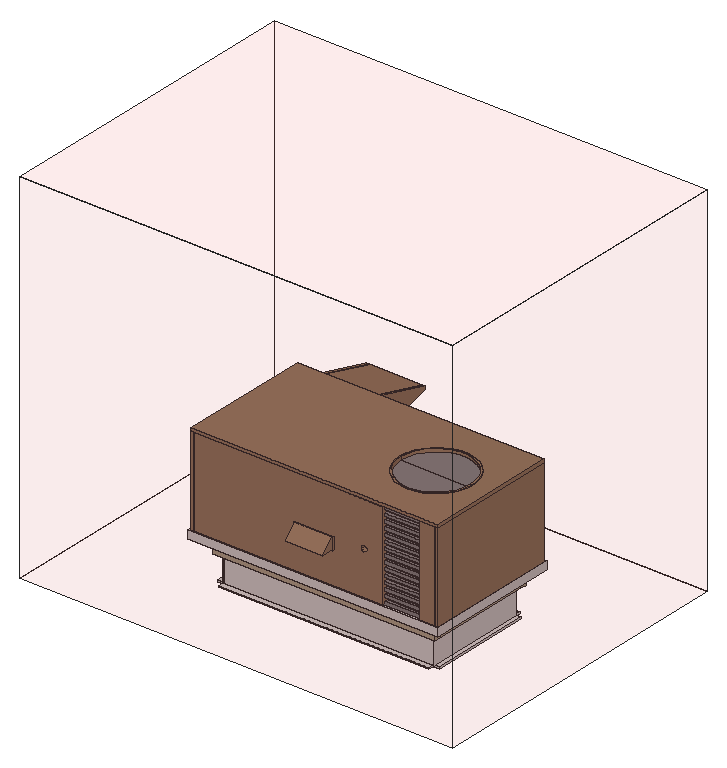
Revit family "Heat_Pump-Packaged_Rooftop-York-XP036-060-(3-5Ton)", category Mechanical Equipment, Revit 2023 (continued)
Definition of nested family "Commercial_Comfort_System-Single_Packaged_Unit-Johnson_Controls-Series_5-Condenser_Coils"
  Dimensions and locks (in)
    aligned and locked: Extrusion 1 sketch curve to plane 13 "Row 24"
    aligned and locked: plane 12 "Row 25" to Extrusion 1 sketch curve
    aligned and locked: Extrusion 1 sketch curve to plane 11 "Row 26"
    aligned and locked: Extrusion 1 sketch curve to plane 10 "Row 27"
    aligned and locked: Extrusion 1 sketch curve to plane 6 "Front"
    aligned and locked: Extrusion 1 sketch curve to plane 8 "Top"
    aligned and locked: plane 8 "Top" to Extrusion 1 sketch curve
    aligned and locked: plane 4 "Left" to Extrusion 1
    aligned and locked: Extrusion 1 to plane 5 "Right"
    aligned and locked: Masking region 1 sketch curve to plane 4 "Left"
    aligned and locked: plane 5 "Right" to Masking region 1 sketch curve
    aligned and locked: Masking region 1 sketch curve to plane 8 "Top"
    aligned and locked: plane 2 "Bottom" to Masking region 1 sketch curve
    aligned and locked: curve 1 to plane 37 "Row 1"
    aligned and locked: curve 2 to plane 36 "Row 2"
    aligned and locked: curve 3 to plane 35 "Row 3"
    aligned and locked: curve 4 to plane 34 "Row 4"
    aligned and locked: curve 5 to plane 33 "Row 5"
    aligned and locked: curve 6 to plane 32
    aligned and locked: curve 7 to plane 31 "Row 6"
    aligned and locked: curve 8 to plane 30 "Row 7"
    aligned and locked: curve 9 to plane 29 "Row 8"
    aligned and locked: curve 10 to plane 28 "Row 9"
    aligned and locked: curve 11 to plane 27 "Row 10"
    aligned and locked: curve 12 to plane 26 "Row 11"
    aligned and locked: plane 25 "Row 12" to curve 13
    aligned and locked: curve 14 to plane 24 "Row 13"
    aligned and locked: curve 15 to plane 23 "Row 14"
    aligned and locked: curve 16 to plane 22 "Row 15"
    aligned and locked: curve 17 to plane 21 "Row 16"
    aligned and locked: curve 18 to plane 20 "Row 17"
    aligned and locked: curve 19 to plane 19 "Row 18"
    aligned and locked: curve 20 to plane 18 "Row 19"
    aligned and locked: curve 21 to plane 17 "Row 20"
    aligned and locked: curve 22 to plane 16 "Row 21"
    aligned and locked: curve 23 to plane 15 "Row 22"
    aligned and locked: curve 24 to plane 14 "Row 23"
    aligned and locked: curve 25 to plane 13 "Row 24"
    aligned and locked: curve 26 to plane 12 "Row 25"
    aligned and locked: curve 27 to plane 11 "Row 26"
    aligned and locked: curve 28 to plane 10 "Row 27"
    aligned and locked: Extrusion 2 sketch curve to plane 4 "Left"
    aligned and locked: plane 5 "Right" to Extrusion 2 sketch curve
    aligned and locked: Extrusion 2 sketch curve to plane 8 "Top"
    aligned and locked: plane 2 "Bottom" to Extrusion 2 sketch curve
    aligned and locked: Extrusion 2 to plane 6 "Front"
    aligned and locked: plane 7 "Back" to Extrusion 2
  Automatic sketch dimensions
    curve 1 to plane 4 "Left" = 0"
    curve 28 to plane 4 "Left" = 0"
    curve 2 to plane 4 "Left" = 0"
    curve 27 to plane 4 "Left" = 0"
    curve 3 to plane 4 "Left" = 0"
    curve 26 to plane 4 "Left" = 0"
    curve 4 to plane 4 "Left" = 0"
    curve 25 to plane 4 "Left" = 0"
    curve 5 to plane 4 "Left" = 0"
    curve 24 to plane 4 "Left" = 0"
    curve 6 to plane 4 "Left" = 0"
    curve 23 to plane 4 "Left" = 0"
    curve 7 to plane 4 "Left" = 0"
    curve 22 to plane 4 "Left" = 0"
    curve 8 to plane 4 "Left" = 0"
    curve 21 to plane 4 "Left" = 0"
    curve 9 to plane 4 "Left" = 0"
    curve 20 to plane 4 "Left" = 0"
    curve 10 to plane 4 "Left" = 0"
    curve 19 to plane 4 "Left" = 0"
    curve 11 to plane 4 "Left" = 0"
    curve 18 to plane 4 "Left" = 0"
    curve 12 to plane 4 "Left" = 0"
    curve 17 to plane 4 "Left" = 0"
    curve 13 to plane 4 "Left" = 0"
    curve 16 to plane 4 "Left" = 0"
    curve 14 to plane 4 "Left" = 0"
    curve 15 to plane 4 "Left" = 0"
    curve 14 to plane 5 "Right" = 0"
    curve 15 to plane 5 "Right" = 0"
    curve 13 to plane 5 "Right" = 0"
    curve 16 to plane 5 "Right" = 0"
    curve 12 to plane 5 "Right" = 0"
    curve 17 to plane 5 "Right" = 0"
    curve 11 to plane 5 "Right" = 0"
    curve 18 to plane 5 "Right" = 0"
    curve 10 to plane 5 "Right" = 0"
    curve 19 to plane 5 "Right" = 0"
    curve 9 to plane 5 "Right" = 0"
    curve 20 to plane 5 "Right" = 0"
    curve 8 to plane 5 "Right" = 0"
    curve 21 to plane 5 "Right" = 0"
    curve 7 to plane 5 "Right" = 0"
    curve 22 to plane 5 "Right" = 0"
    curve 6 to plane 5 "Right" = 0"
    curve 23 to plane 5 "Right" = 0"
    curve 5 to plane 5 "Right" = 0"
    curve 24 to plane 5 "Right" = 0"
    curve 4 to plane 5 "Right" = 0"
    curve 25 to plane 5 "Right" = 0"
    curve 3 to plane 5 "Right" = 0"
    curve 26 to plane 5 "Right" = 0"
    curve 2 to plane 5 "Right" = 0"
    curve 27 to plane 5 "Right" = 0"
    curve 1 to plane 5 "Right" = 0"
    curve 28 to plane 5 "Right" = 0"
Definition of nested family "Commercial_Comfort_System-Single_Packaged_Unit-Johnson_Controls-Series_5-Condenser_Fans"
  Parameters
    Width = 24"
    Paint Finish = none
    Model = "Series 5 Condenser Fan"  # constant formula
    Manufacturer = "Johnson Controls"  # constant formula
    Fan Radius = 12"
    Fan Material = none
    Depth = 24"
    Default Elevation = 0"
    Box Frame Material = none
  Reference planes (in)
    plane 1 "Center (Front/Back)": y = -2.5
    plane 2 "Bottom": z = 0
    plane 3 "Center (Left/Right)": x = -2
    plane 4 "Left": x = -14
    plane 5 "Front": y = -14.5
    plane 6 "Right": x = 10
    plane 7 "Back": y = 9.5
    plane 8 "Left Inside Edge": x = -13.5
    plane 9 "Back Inside Edge": y = 9
    plane 10 "Right Inside Edge": x = 9.5
    plane 11 "Front Inside Edge": y = -14
    plane 12 "Top": z = 6
    plane 13 "Middle Circle Bottom": z = 5
  Forms (in)
    Revolve 1, solid, material <- "Paint Finish", detail levels medium+fine
      sketch origin (0, -2.5, 0) x (1, 0, 0) y (0, 0, 1)
        loop
          line (-2, 5) -> (-2, 0) -> (10, 0) -> (10, 6) -> (9.5, 6) -> (9.5, 5) -> (-2, 5)
        axis (-2, 0) -> (-2, 6)
      angle from 0 to 360
  Lines and regions (in)
    Masking region 1, detail levels medium+fine
      outline origin (0, 0, 6) x (-1, 0, 0) y (0, -1, 0)
        loop
          circle (2, 2.5) r 12
    symbolic lines, detail levels fine
      curve 1: circle (-2, -2.5, 6) r 11.5 normal (0, 0, 1)
  Dimensions and locks (in)
    equal spacing: plane 7 "Back", plane 1 "Center (Front/Back)", plane 5 "Front"
    "Depth": plane 7 "Back" to plane 5 "Front"
    equal spacing: plane 4 "Left", plane 3 "Center (Left/Right)", plane 6 "Right"
    "Width": plane 4 "Left" to plane 6 "Right"
    locked: plane 4 "Left" to plane 8 "Left Inside Edge" at 0.5
    locked: plane 10 "Right Inside Edge" to plane 6 "Right" at 0.5
    locked: plane 11 "Front Inside Edge" to plane 5 "Front" at 0.5
    locked: plane 7 "Back" to plane 9 "Back Inside Edge" at 0.5
    locked: plane 12 "Top" to plane 2 "Bottom" at 6
    locked: plane 12 "Top" to plane 13 "Middle Circle Bottom" at 1
    locked: plane 3 "Center (Left/Right)" to Masking region 1 sketch curve at 12
    locked: Masking region 1 sketch curve to plane 1 "Center (Front/Back)" at 12
    locked: plane 1 "Center (Front/Back)" to curve 1 at 11.5
    locked: plane 3 "Center (Left/Right)" to curve 1 at 11.5
    "Fan Radius": radius of Masking region 1 sketch curve
    aligned and locked: level to plane 2 "Bottom"
    aligned and locked: plane 12 "Top" to Revolve 1 sketch curve
    aligned and locked: plane 2 "Bottom" to Revolve 1 sketch curve  (x2)
    aligned and locked: plane 3 "Center (Left/Right)" to Revolve 1 sketch curve  (x2)
    aligned and locked: Revolve 1 sketch curve to plane 13 "Middle Circle Bottom"
    aligned and locked: Revolve 1 sketch curve to plane 10 "Right Inside Edge"
    aligned and locked: Revolve 1 sketch curve to plane 12 "Top"
    aligned and locked: plane 6 "Right" to Revolve 1 sketch curve
  Automatic sketch dimensions
    curve 1 to plane 3 "Center (Left/Right)" = 0"
Definition of nested family "Commercial_Comfort_System-Single_Packaged_Unit-Johnson_Controls-Series_5-Convenience_Outlet"
  Parameters
    Width = 2 1/2"
    Paint Finish = none
    Model = "Electrical Convenience Box"  # constant formula
    Manufacturer = "Johnson Controls"  # constant formula
    Height = 4 1/2"
    Frame Material = none
    Depth = 1 1/2"
    Default Elevation = 0"
  Reference planes (in)
    plane 1 "Center (Front/Back)": y = 0.5
    plane 2 "Bottom": z = 0
    plane 3 "Center (Left/Right)": x = 0
    plane 4 "Back": y = 1.25
    plane 5 "Front": y = -0.25
    plane 6 "Left": x = -1.25
    plane 7 "Right": x = 1.25
    plane 8 "Top": z = 4.5
  Forms (in)
    Extrusion 1, solid, material <- "Frame Material", detail levels fine
      sketch origin (0, 0, 0) x (1, 0, 0) y (0, 1, 0)
        loop
          line (-1.25, 1.25) -> (-1.25, -0.25) -> (1.25, -0.25) -> (1.25, 1.25) -> (-1.25, 1.25)
      from 0 to 4.5
  Lines and regions (in)
    Masking region 1, detail levels medium+fine
      outline origin (0, 0, 4.5) x (-1, 0, 0) y (0, -1, 0)
        loop
          line (1.25, -1.25) -> (1.25, 0.25) -> (-1.25, 0.25) -> (-1.25, -1.25) -> (1.25, -1.25)
    Masking region 2, detail levels medium+fine
      outline origin (0, 1.25, 0) x (-1, 0, 0) y (0, 0, 1)
        loop
          line (1.25, 4.5) -> (-1.25, 4.5) -> (-1.25, 0) -> (1.25, 0) -> (1.25, 4.5)
    Masking region 3, detail levels medium+fine
      outline origin (0, 0, 0) x (0, 1, 0) y (0, 0, 1)
        loop
          line (1.25, 4.5) -> (-0.25, 4.5) -> (-0.25, 0) -> (1.25, 0) -> (1.25, 4.5)
    model lines, detail levels medium
      curve 1: line (-1.25, -0.25, 4.5) -> (1.25, -0.25, 4.5)
      curve 2: line (-1.25, -0.25, 0) -> (-1.25, -0.25, 4.5)
      curve 3: line (1.25, -0.25, 0) -> (-1.25, -0.25, 0)
      curve 4: line (1.25, -0.25, 4.5) -> (1.25, -0.25, 0)
      curve 5: line (-1.25, 1.25, 4.5) -> (1.25, 1.25, 4.5)
      curve 6: line (-1.25, 1.25, 0) -> (-1.25, 1.25, 4.5)
      curve 7: line (1.25, 1.25, 0) -> (-1.25, 1.25, 0)
      curve 8: line (1.25, 1.25, 4.5) -> (1.25, 1.25, 0)
      curve 9: line (-1.25, 1.25, 0) -> (-1.25, -0.25, 0)
      curve 10: line (1.25, 1.25, 0) -> (1.25, -0.25, 0)
      curve 11: line (-1.25, 1.25, 4.5) -> (-1.25, -0.25, 4.5)
      curve 12: line (1.25, 1.25, 4.5) -> (1.25, -0.25, 4.5)
  Dimensions and locks (in)
    equal spacing: plane 6 "Left", plane 3 "Center (Left/Right)", plane 7 "Right"
    "Width": plane 6 "Left" to plane 7 "Right"
    equal spacing: plane 4 "Back", plane 1 "Center (Front/Back)", plane 5 "Front"
    "Depth": plane 4 "Back" to plane 5 "Front"
    "Height": plane 8 "Top" to plane 2 "Bottom"
    aligned and locked: level to plane 2 "Bottom"
    aligned and locked: Extrusion 1 sketch curve to plane 6 "Left"
    aligned and locked: plane 7 "Right" to Extrusion 1 sketch curve
    aligned and locked: plane 5 "Front" to Extrusion 1 sketch curve
    aligned and locked: Extrusion 1 sketch curve to plane 4 "Back"
    aligned and locked: Extrusion 1 to plane 2 "Bottom"
    aligned and locked: plane 8 "Top" to Extrusion 1
    aligned and locked: curve 1 to plane 8 "Top"
    aligned and locked: plane 7 "Right" to curve 4
    aligned and locked: curve 2 to plane 6 "Left"
    aligned and locked: plane 2 "Bottom" to curve 3
    aligned and locked: plane 2 "Bottom" to curve 7
    aligned and locked: plane 7 "Right" to curve 8
    aligned and locked: curve 6 to plane 6 "Left"
    aligned and locked: curve 5 to plane 8 "Top"
    aligned and locked: plane 4 "Back" to curve 9
    aligned and locked: plane 4 "Back" to curve 11
    aligned and locked: plane 5 "Front" to curve 9
    aligned and locked: plane 5 "Front" to curve 11
    aligned and locked: plane 5 "Front" to curve 12
    aligned and locked: plane 5 "Front" to curve 10
    aligned and locked: plane 4 "Back" to curve 12
    aligned and locked: plane 4 "Back" to curve 10
    aligned and locked: plane 7 "Right" to curve 10
    aligned and locked: plane 7 "Right" to curve 12
    aligned and locked: plane 6 "Left" to curve 9
    aligned and locked: plane 6 "Left" to curve 11
    aligned and locked: Masking region 1 sketch curve to plane 4 "Back"
    aligned and locked: Masking region 1 sketch curve to plane 6 "Left"
    aligned and locked: plane 7 "Right" to Masking region 1 sketch curve
    aligned and locked: plane 5 "Front" to Masking region 1 sketch curve
    aligned and locked: Masking region 2 sketch curve to plane 8 "Top"
    aligned and locked: plane 7 "Right" to Masking region 2 sketch curve
    aligned and locked: plane 2 "Bottom" to Masking region 2 sketch curve
    aligned and locked: Masking region 2 sketch curve to plane 6 "Left"
    aligned and locked: plane 2 "Bottom" to Masking region 3 sketch curve
    aligned and locked: Masking region 3 sketch curve to plane 8 "Top"
    aligned and locked: plane 5 "Front" to Masking region 3 sketch curve
    aligned and locked: Masking region 3 sketch curve to plane 4 "Back"
Definition of nested family "Included Clearance"
  Parameters
    Width = 36"
    Height = 36"
    Depth = 36"
    Default Elevation = 0"
    Clearance Top = 6"
    Clearance Right = 6"
    Clearance Material = none
    Clearance Left = 6"
    Clearance Front = 6"
    Clearance Bottom = 6"
    Clearance Back = 6"
    Assembly Code = ""
  Reference planes (in)
    plane 1 "Center (Front/Back)": y = 0
    plane 2 "Bottom": z = 0
    plane 3 "Center (Left/Right)": x = 0
    plane 4 "Clearance Front": y = -24
    plane 5 "Top": z = 36
    plane 6 "Back": y = 18
    plane 7 "Left": x = -18
    plane 8 "Front": y = -18
    plane 9 "Right": x = 18
    plane 10 "Clearance Back": y = 24
    plane 11 "Clearance Left": x = -24
    plane 12 "Clearance Right": x = 24
    plane 13 "Clearance Top": z = 42
    plane 14 "Clearance Bottom": z = -6
  Forms (in)
    Extrusion 1, solid, material <- "Clearance Material"
      sketch origin (0, 0, 36) x (-1, 0, 0) y (0, -1, 0)
        loop
          line (24, -24) -> (24, 24) -> (-24, 24) -> (-24, -24) -> (24, -24)
      from -42 to 6
  Lines and regions (in)
    symbolic lines
      curve 1: line (-24, 24, 36) -> (24, 24, 36)
      curve 2: line (-24, -24, 36) -> (-24, 24, 36)
      curve 3: line (24, -24, 36) -> (-24, -24, 36)
      curve 4: line (24, 24, 36) -> (24, -24, 36)
      curve 5: line (-24, 0, 42) -> (24, 0, 42)
      curve 6: line (-24, 0, -6) -> (-24, 0, 42)
      curve 7: line (24, 0, -6) -> (-24, 0, -6)
      curve 8: line (24, 0, 42) -> (24, 0, -6)
      curve 9: line (0, -24, 42) -> (0, 24, 42)
      curve 10: line (0, -24, -6) -> (0, -24, 42)
      curve 11: line (0, 24, -6) -> (0, -24, -6)
      curve 12: line (0, 24, 42) -> (0, 24, -6)
  Dimensions and locks (in)
    "Height": plane 5 "Top" to plane 2 "Bottom"
    "Depth": plane 6 "Back" to plane 8 "Front"
    "Width": plane 7 "Left" to plane 9 "Right"
    equal spacing: plane 7 "Left", plane 3 "Center (Left/Right)", plane 9 "Right"
    equal spacing: plane 6 "Back", plane 1 "Center (Front/Back)", plane 8 "Front"
    "Clearance Bottom": plane 2 "Bottom" to plane 14 "Clearance Bottom"
    "Clearance Top": plane 13 "Clearance Top" to plane 5 "Top"
    "Clearance Left": plane 11 "Clearance Left" to plane 7 "Left"
    "Clearance Right": plane 9 "Right" to plane 12 "Clearance Right"
    "Clearance Back": plane 10 "Clearance Back" to plane 6 "Back"
    "Clearance Front": plane 4 "Clearance Front" to plane 8 "Front"
    aligned and locked: level to plane 2 "Bottom"
    aligned and locked: Extrusion 1 sketch curve to plane 10 "Clearance Back"
    aligned and locked: Extrusion 1 sketch curve to plane 11 "Clearance Left"
    aligned and locked: Extrusion 1 sketch curve to plane 12 "Clearance Right"
    aligned and locked: Extrusion 1 sketch curve to plane 4 "Clearance Front"
    aligned and locked: plane 14 "Clearance Bottom" to Extrusion 1
    aligned and locked: plane 13 "Clearance Top" to Extrusion 1
    aligned and locked: curve 1 to plane 10 "Clearance Back"
    aligned and locked: curve 2 to plane 11 "Clearance Left"
    aligned and locked: curve 4 to plane 12 "Clearance Right"
    aligned and locked: curve 3 to plane 4 "Clearance Front"
    aligned and locked: curve 5 to plane 13 "Clearance Top"
    aligned and locked: curve 6 to plane 11 "Clearance Left"
    aligned and locked: curve 7 to plane 14 "Clearance Bottom"
    aligned and locked: curve 8 to plane 12 "Clearance Right"
    aligned and locked: curve 9 to plane 13 "Clearance Top"
    aligned and locked: curve 11 to plane 14 "Clearance Bottom"
    aligned and locked: curve 12 to plane 10 "Clearance Back"
    aligned and locked: curve 10 to plane 4 "Clearance Front"
Definition of nested family "Commercial_Comfort_System-Single_Packaged_Unit-Johnson_Controls-Series_5-Hoods"
  Parameters
    Width = 12"
    Model = "5 Series Hoods"  # constant formula
    Manufacturer = "Johnson Controls"  # constant formula
    Depth = 4"
    Default Elevation = 0"
    Box Frame Material = none
  Reference planes (in)
    plane 1 "Center (Front/Back)": y = 0
    plane 2 "Bottom": z = 0
    plane 3 "Center (Left/Right)": x = 0
    plane 4 "Back": y = 2
    plane 5 "Left": x = -6
    plane 6 "Right": x = 6
    plane 7 "Front": y = -2
    plane 8 "Top": z = 4
    plane 9 "Flange Offset Right": x = 6.5
    plane 10 "Flange Offset Left": x = -6.5
    plane 11 "Flange Front": y = 1.75
  Forms (in)
    Extrusion 1, solid, material <- "Box Frame Material", detail levels fine
      sketch origin (0, 0, 0) x (0, 1, 0) y (0, 0, 1)
        loop
          line (1.75, 4) -> (-2, 0) -> (1.75, 0) -> (1.75, 4)
      from -6 to 6
    Extrusion 2, solid, material <- "Box Frame Material", detail levels fine
      sketch origin (0, 0, 0) x (1, 0, 0) y (0, 0, 1)
        loop
          line (-6.5, 4) -> (-6.5, 0) -> (6.5, 0) -> (6.5, 4) -> (-6.5, 4)
      from -2 to -1.75
  Lines and regions (in)
    Masking region 1, detail levels medium+fine
      outline origin (0, 0, 0) x (0, 1, 0) y (0, 0, 1)
        loop
          line (2, 4) -> (1.75, 4) -> (1.75, 0) -> (2, 0) -> (2, 4)
    Masking region 2, detail levels fine
      outline origin (0, 0, 0) x (0, 1, 0) y (0, 0, 1)
        loop
          line (1.75, 4) -> (-2, 0) -> (1.75, 0) -> (1.75, 4)
    Masking region 3, detail levels medium+fine
      outline origin (0, 0, 0) x (1, 0, 0) y (0, 0, 1)
        loop
          line (-6, 4) -> (-6, 0) -> (6, 0) -> (6, 4) -> (-6, 4)
    Masking region 4, detail levels fine
      outline origin (0, 0, 0) x (1, 0, 0) y (0, 0, 1)
        loop
          line (-6.5, 4) -> (-6.5, 0) -> (-6, 0) -> (-6, 4) -> (-6.5, 4)
        loop
          line (6, 4) -> (6, 0) -> (6.5, 0) -> (6.5, 4) -> (6, 4)
    Masking region 5, detail levels medium+fine
      outline origin (0, 0, 0) x (1, 0, 0) y (0, 1, 0)
        loop
          line (-6.5, 2) -> (-6.5, 1.75) -> (6.5, 1.75) -> (6.5, 2) -> (-6.5, 2)
    Masking region 6, detail levels medium+fine
      outline origin (0, 0, 0) x (1, 0, 0) y (0, 1, 0)
        loop
          line (-6, 1.75) -> (-6, -2) -> (6, -2) -> (6, 1.75) -> (-6, 1.75)
    model lines, detail levels medium
      curve 1: line (6.5, 1.75, 4) -> (6.5, 2, 4)
      curve 2: line (6.5, 1.75, 0) -> (6.5, 1.75, 4)
      curve 3: line (6.5, 2, 0) -> (6.5, 1.75, 0)
      curve 4: line (6.5, 2, 4) -> (6.5, 2, 0)
      curve 5: line (-6.5, 1.75, 4) -> (-6.5, 2, 4)
      curve 6: line (-6.5, 1.75, 0) -> (-6.5, 1.75, 4)
      curve 7: line (-6.5, 2, 0) -> (-6.5, 1.75, 0)
      curve 8: line (-6.5, 2, 4) -> (-6.5, 2, 0)
      curve 9: line (-6, -2, 0) -> (-6, 1.75, 0)
      curve 10: line (-6, 1.75, 0) -> (-6, 1.75, 4)
      curve 11: line (-6, 1.75, 4) -> (-6, -2, 0)
      curve 12: line (6, -2, 0) -> (6, 1.75, 0)
      curve 13: line (6, 1.75, 0) -> (6, 1.75, 4)
      curve 14: line (6, 1.75, 4) -> (6, -2, 0)
      curve 15: line (-6.5, 2, 0) -> (6.5, 2, 0)
      curve 16: line (-6.5, 1.75, 0) -> (-6.5, 2, 0)
      curve 17: line (6.5, 1.75, 0) -> (-6.5, 1.75, 0)
      curve 18: line (6.5, 2, 0) -> (6.5, 1.75, 0)
      curve 19: line (-6, 1.75, 0) -> (-6, -2, 0)
      curve 20: line (-6, -2, 0) -> (6, -2, 0)
      curve 21: line (6, -2, 0) -> (6, 1.75, 0)
      curve 22: line (-6.5, 1.75, 4) -> (6.5, 1.75, 4)
      curve 23: line (-6.5, 2, 4) -> (6.5, 2, 4)
  Dimensions and locks (in)
    equal spacing: plane 4 "Back", plane 1 "Center (Front/Back)", plane 7 "Front"
    "Depth": plane 4 "Back" to plane 7 "Front"
    equal spacing: plane 5 "Left", plane 3 "Center (Left/Right)", plane 6 "Right"
    "Width": plane 5 "Left" to plane 6 "Right"
    locked: plane 8 "Top" to plane 2 "Bottom" at 4
    locked: plane 10 "Flange Offset Left" to plane 5 "Left" at 0.5
    locked: plane 6 "Right" to plane 9 "Flange Offset Right" at 0.5
    locked: plane 4 "Back" to plane 11 "Flange Front" at 0.25
    aligned and locked: level to plane 2 "Bottom"
    aligned and locked: Extrusion 1 sketch curve to plane 11 "Flange Front"
    aligned and locked: plane 2 "Bottom" to Extrusion 1 sketch curve
    aligned and locked: plane 7 "Front" to Extrusion 1 sketch curve
    aligned and locked: plane 11 "Flange Front" to Extrusion 1 sketch curve
    aligned and locked: plane 8 "Top" to Extrusion 1 sketch curve
    aligned and locked: plane 5 "Left" to Extrusion 1
    aligned and locked: Extrusion 1 to plane 6 "Right"
    aligned and locked: Extrusion 2 sketch curve to plane 8 "Top"
    aligned and locked: plane 2 "Bottom" to Extrusion 2 sketch curve
    aligned and locked: plane 9 "Flange Offset Right" to Extrusion 2 sketch curve
    aligned and locked: plane 4 "Back" to Extrusion 2
    aligned and locked: Extrusion 2 to plane 11 "Flange Front"
    aligned and locked: Extrusion 2 sketch curve to plane 10 "Flange Offset Left"
    aligned and locked: plane 2 "Bottom" to Masking region 1 sketch curve
    aligned and locked: Masking region 1 sketch curve to plane 8 "Top"
    aligned and locked: plane 11 "Flange Front" to Masking region 1 sketch curve
    aligned and locked: Masking region 1 sketch curve to plane 4 "Back"
    aligned and locked: Masking region 2 sketch curve to plane 11 "Flange Front"
    aligned and locked: plane 2 "Bottom" to Masking region 2 sketch curve
    aligned and locked: plane 7 "Front" to Masking region 2 sketch curve
    aligned and locked: plane 11 "Flange Front" to Masking region 2 sketch curve
    aligned and locked: plane 8 "Top" to Masking region 2 sketch curve
    aligned and locked: Masking region 3 sketch curve to plane 5 "Left"
    aligned and locked: plane 6 "Right" to Masking region 3 sketch curve
    aligned and locked: Masking region 3 sketch curve to plane 8 "Top"
    aligned and locked: plane 2 "Bottom" to Masking region 3 sketch curve
    aligned and locked: Masking region 4 sketch curve to plane 8 "Top"  (x2)
    aligned and locked: plane 2 "Bottom" to Masking region 4 sketch curve  (x2)
    aligned and locked: plane 5 "Left" to Masking region 4 sketch curve
    aligned and locked: Masking region 4 sketch curve to plane 10 "Flange Offset Left"
    aligned and locked: Masking region 4 sketch curve to plane 6 "Right"
    aligned and locked: plane 9 "Flange Offset Right" to Masking region 4 sketch curve
    aligned and locked: Masking region 5 sketch curve to plane 10 "Flange Offset Left"
    aligned and locked: plane 9 "Flange Offset Right" to Masking region 5 sketch curve
    aligned and locked: plane 11 "Flange Front" to Masking region 5 sketch curve
    aligned and locked: Masking region 5 sketch curve to plane 4 "Back"
    aligned and locked: Masking region 6 sketch curve to plane 11 "Flange Front"
    aligned and locked: Masking region 6 sketch curve to plane 5 "Left"
    aligned and locked: plane 6 "Right" to Masking region 6 sketch curve
    aligned and locked: plane 7 "Front" to Masking region 6 sketch curve
    aligned and locked: curve 1 to plane 8 "Top"
    aligned and locked: plane 2 "Bottom" to curve 3
    aligned and locked: plane 2 "Bottom" to curve 7
    aligned and locked: curve 5 to plane 8 "Top"
    aligned and locked: curve 4 to plane 4 "Back"
    aligned and locked: curve 8 to plane 4 "Back"
    aligned and locked: plane 11 "Flange Front" to curve 2
    aligned and locked: plane 11 "Flange Front" to curve 6
    aligned and locked: curve 9 to plane 2 "Bottom"
    aligned and locked: plane 11 "Flange Front" to curve 10
    aligned and locked: plane 7 "Front" to curve 11
    aligned and locked: plane 11 "Flange Front" to curve 1
    aligned and locked: plane 11 "Flange Front" to curve 13
    aligned and locked: curve 12 to plane 2 "Bottom"
    aligned and locked: plane 7 "Front" to curve 14
    aligned and locked: curve 16 to plane 10 "Flange Offset Left"
    aligned and locked: plane 9 "Flange Offset Right" to curve 18
    aligned and locked: plane 11 "Flange Front" to curve 17
    aligned and locked: curve 15 to plane 4 "Back"
    aligned and locked: plane 11 "Flange Front" to curve 21
    aligned and locked: curve 21 to plane 6 "Right"
    aligned and locked: plane 5 "Left" to curve 19
    aligned and locked: curve 20 to plane 7 "Front"
    aligned and locked: plane 10 "Flange Offset Left" to curve 23
    aligned and locked: plane 10 "Flange Offset Left" to curve 22
    aligned and locked: plane 9 "Flange Offset Right" to curve 23
    aligned and locked: plane 9 "Flange Offset Right" to curve 22
    aligned and locked: curve 22 to plane 11 "Flange Front"
    aligned and locked: curve 23 to plane 4 "Back"
  Automatic sketch dimensions
    curve 11 to plane 8 "Top" = 0"
    level to curve 14 = 4"
Definition of nested family "Commercial_Comfort_System-Single_Packaged_Unit-Johnson_Controls-Series_5-Economizer_Hood"
  Parameters
    Width = 19 1/2"  # constant formula
    Model = "Economizer Hood"  # constant formula
    Manufacturer = "Johnson Controls"  # constant formula
    Height = 12 1/2"  # constant formula
    Frame Material = none
    Depth = 20"  # constant formula
    Default Elevation = 0"
  Reference planes (in)
    plane 1 "Center (Front/Back)": y = -1
    plane 2 "Bottom": z = 0
    plane 3 "Center (Left/Right)": x = -3.5
    plane 4 "Back": y = 9
    plane 5 "Front": y = -11
    plane 6 "Left": x = -13.25
    plane 7 "Right": x = 6.25
    plane 8 "Top": z = 12.5
    plane 9 "Left Inset": x = -12.25
    plane 10 "Right Inset": x = 5.25
    plane 11 "Middle": z = 6.25
    plane 12 "Middle Top": z = 6.75
    plane 13 "Middle Bottom": z = 5.75
    plane 14 "Front Offset": y = -10
    plane 15 "Back Offset": y = 8
    plane 16 "Top Offset": z = 11.5
  Forms (in)
    Extrusion 1, solid, material <- "Frame Material", detail levels fine
      sketch origin (-3.5, 0, 0) x (0, 1, 0) y (0, 0, 1)
        loop
          line (8, 5.75) -> (9, 5.75) -> (9, 6.75) -> (-11, 12.5) -> (-11, 11.5) -> (8, 6.67352) -> (8, 5.75)
      from -8.75 to 8.75
    Extrusion 2, solid, material <- "Frame Material", detail levels fine
      sketch origin (-3.5, 0, 0) x (0, 1, 0) y (0, 0, 1)
        loop
          line (-11, 12.5) -> (-11, 0) -> (9, 5.75) -> (9, 6.75) -> (-11, 12.5)
      from 8.75 to 9.75
    Extrusion 3, solid, material <- "Frame Material", detail levels fine
      sketch origin (-3.5, 0, 0) x (0, 1, 0) y (0, 0, 1)
        loop
          line (-11, 12.5) -> (-11, 0) -> (9, 5.75) -> (9, 6.75) -> (-11, 12.5)
      from -9.75 to -8.75
  Lines and regions (in)
    Masking region 1, detail levels medium+fine
      outline origin (0, 0, 0) x (1, 0, 0) y (0, 1, 0)
        loop
          line (-13.25, 9) -> (-13.25, -11) -> (6.25, -11) -> (6.25, 9) -> (-13.25, 9)
    Masking region 2, detail levels medium+fine
      outline origin (0, 9, 0) x (-1, 0, 0) y (0, 0, 1)
        loop
          line (13.25, 0) -> (13.25, 12.5) -> (-6.25, 12.5) -> (-6.25, 0) -> (-5.25, 0) -> (-5.25, 5.75) -> (12.25, 5.75) -> (12.25, 0) -> (13.25, 0)
    Masking region 3, detail levels medium+fine
      outline origin (-3.5, 0, 0) x (0, 1, 0) y (0, 0, 1)
        loop
          line (-11, 12.5) -> (-11, 0) -> (9, 5.75) -> (9, 6.75) -> (-11, 12.5)
    symbolic lines, detail levels fine
      curve 1: line (-13.25, -1, 6.75) -> (6.25, -1, 6.75)
      curve 2: line (5.25, -1, 5.75) -> (6.25, -1, 5.75)
      curve 3: line (-13.25, -1, 5.75) -> (-12.25, -1, 5.75)
    model lines, detail levels medium
      curve 4: line (-13.25, 9, 5.75) -> (-13.25, 9, 6.75)
      curve 5: line (-13.25, -11, 12.5) -> (-13.25, -11, 0)
      curve 6: line (-13.25, 9, 6.75) -> (-13.25, -11, 12.5)
      curve 7: line (-13.25, -11, 0) -> (-13.25, 9, 5.75)
      curve 8: line (6.25, 9, 6.75) -> (6.25, 9, 5.75)
      curve 9: line (6.25, -11, 12.5) -> (6.25, -11, 0)
      curve 10: line (6.25, 9, 6.75) -> (6.25, -11, 12.5)
      curve 11: line (6.25, 9, 5.75) -> (6.25, -11, 0)
      curve 12: line (6.25, 9, 6.75) -> (-13.25, 9, 6.75)
      curve 13: line (6.25, 9, 5.75) -> (-13.25, 9, 5.75)
      curve 14: line (-13.25, -11, 12.5) -> (6.25, -11, 12.5)
  Dimensions and locks (in)
    equal spacing: plane 6 "Left", plane 3 "Center (Left/Right)", plane 7 "Right"
    "Width": plane 6 "Left" to plane 7 "Right"
    "Depth": plane 4 "Back" to plane 5 "Front"
    "Height": plane 8 "Top" to plane 2 "Bottom"
    locked: plane 6 "Left" to plane 9 "Left Inset" at 1
    locked: plane 10 "Right Inset" to plane 7 "Right" at 1
    equal spacing: plane 8 "Top", plane 11 "Middle", plane 2 "Bottom"
    equal spacing: plane 12 "Middle Top", plane 11 "Middle", plane 13 "Middle Bottom"
    locked: plane 12 "Middle Top" to plane 13 "Middle Bottom" at 1
    locked: plane 5 "Front" to plane 14 "Front Offset" at 1
    locked: plane 15 "Back Offset" to plane 4 "Back" at 1
    locked: plane 8 "Top" to plane 16 "Top Offset" at 1
    aligned and locked: level to plane 2 "Bottom"
    aligned and locked: plane 9 "Left Inset" to Extrusion 1
    aligned and locked: Extrusion 1 to plane 10 "Right Inset"
    aligned and locked: plane 10 "Right Inset" to Extrusion 2
    aligned and locked: Extrusion 2 to plane 7 "Right"
    aligned and locked: Extrusion 3 to plane 9 "Left Inset"
    aligned and locked: plane 6 "Left" to Extrusion 3
    aligned and locked: Masking region 1 sketch curve to plane 6 "Left"
    aligned and locked: plane 7 "Right" to Masking region 1 sketch curve
    aligned and locked: Masking region 1 sketch curve to plane 4 "Back"
    aligned and locked: plane 5 "Front" to Masking region 1 sketch curve
    aligned and locked: plane 8 "Top" to Masking region 2 sketch curve
    aligned and locked: Masking region 2 sketch curve to plane 7 "Right"
    aligned and locked: plane 6 "Left" to Masking region 2 sketch curve
    aligned and locked: Masking region 2 sketch curve to plane 2 "Bottom"  (x2)
    aligned and locked: plane 10 "Right Inset" to Masking region 2 sketch curve
    aligned and locked: Masking region 2 sketch curve to plane 9 "Left Inset"
    aligned and locked: Masking region 2 sketch curve to plane 13 "Middle Bottom"
    aligned and locked: plane 6 "Left" to curve 1
    aligned and locked: plane 7 "Right" to curve 1
    aligned and locked: curve 1 to plane 12 "Middle Top"
    aligned and locked: plane 7 "Right" to curve 2
    aligned and locked: plane 10 "Right Inset" to curve 2
    aligned and locked: curve 2 to plane 13 "Middle Bottom"
    aligned and locked: plane 9 "Left Inset" to curve 3
    aligned and locked: plane 6 "Left" to curve 3
    aligned and locked: curve 3 to plane 13 "Middle Bottom"
    aligned and locked: plane 8 "Top" to Masking region 3 sketch curve
    aligned and locked: plane 2 "Bottom" to Masking region 3 sketch curve
    aligned and locked: plane 5 "Front" to Masking region 3 sketch curve  (x2)
    aligned and locked: plane 4 "Back" to Masking region 3 sketch curve  (x2)
    aligned and locked: plane 12 "Middle Top" to Masking region 3 sketch curve
    aligned and locked: plane 13 "Middle Bottom" to Masking region 3 sketch curve
    aligned and locked: Extrusion 1 sketch curve to plane 13 "Middle Bottom"
    aligned and locked: Extrusion 1 sketch curve to plane 15 "Back Offset"
    aligned and locked: plane 4 "Back" to Extrusion 1 sketch curve  (x2)
    aligned and locked: plane 8 "Top" to Extrusion 1 sketch curve
    aligned and locked: plane 12 "Middle Top" to Extrusion 1 sketch curve
    aligned and locked: plane 5 "Front" to Extrusion 1 sketch curve  (x2)
    aligned and locked: plane 16 "Top Offset" to Extrusion 1 sketch curve
    aligned and locked: plane 2 "Bottom" to Extrusion 3 sketch curve
    aligned and locked: Extrusion 3 sketch curve to plane 5 "Front"
    aligned and locked: plane 12 "Middle Top" to Extrusion 3 sketch curve
    aligned and locked: plane 13 "Middle Bottom" to Extrusion 3 sketch curve
    aligned and locked: Extrusion 3 sketch curve to plane 4 "Back"
    aligned and locked: plane 8 "Top" to Extrusion 3 sketch curve
    aligned and locked: plane 4 "Back" to Extrusion 3 sketch curve
    aligned and locked: plane 5 "Front" to Extrusion 3 sketch curve
    aligned and locked: plane 13 "Middle Bottom" to Extrusion 2 sketch curve
    aligned and locked: plane 4 "Back" to Extrusion 2 sketch curve  (x2)
    aligned and locked: plane 8 "Top" to Extrusion 2 sketch curve
    aligned and locked: plane 2 "Bottom" to Extrusion 2 sketch curve
    aligned and locked: plane 5 "Front" to Extrusion 2 sketch curve  (x2)
    aligned and locked: plane 12 "Middle Top" to Extrusion 2 sketch curve
    aligned and locked: plane 12 "Middle Top" to curve 4
    aligned and locked: curve 4 to plane 4 "Back"
    aligned and locked: plane 8 "Top" to curve 5
    aligned and locked: plane 2 "Bottom" to curve 5
    aligned and locked: plane 5 "Front" to curve 5
    aligned and locked: curve 7 to Extrusion 3
    aligned and locked: plane 12 "Middle Top" to curve 8
    aligned and locked: plane 13 "Middle Bottom" to curve 8
    aligned and locked: plane 8 "Top" to curve 9
    aligned and locked: plane 2 "Bottom" to curve 9
    aligned and locked: plane 5 "Front" to curve 9
    aligned and locked: curve 10 to curve 6
    aligned and locked: curve 11 to curve 7
    aligned and locked: plane 7 "Right" to curve 12
    aligned and locked: plane 7 "Right" to curve 13
    aligned and locked: plane 6 "Left" to curve 12
    aligned and locked: curve 5 to curve 13
    aligned and locked: curve 13 to plane 13 "Middle Bottom"
    aligned and locked: curve 12 to plane 12 "Middle Top"
    aligned and locked: plane 6 "Left" to curve 14
    aligned and locked: plane 7 "Right" to curve 14
    aligned and locked: curve 14 to plane 8 "Top"
  Automatic sketch dimensions
    Extrusion 1 sketch curve to plane 12 "Middle Top" = 0.07648"
Definition of nested family "Commercial_Comfort_System-Single_Packaged_Unit-Johnson_Controls-Series_20-Curb"
  Parameters
    Wood Material = none
    Opening Offset = 0"
    Frame Material = none
    Default Elevation = 0"
    Curb Width = 37 1/4"
    Curb Opening Width = 19 1/2"
    Curb Opening Length = 43 1/2"
    Curb Length = 73"
    Curb Height = 14"
  Reference planes (in)
    plane 1 "Center (Front/Back)": y = 0
    plane 2 "Curb Bottom": z = 0
    plane 3 "Center (Left/Right)": x = 0
    plane 4 "Curb Back": y = 18.625
    plane 5 "Curb Front": y = -18.625
    plane 6 "Curb Left": x = -36.5
    plane 7 "Curb Right": x = 36.5
    plane 8 "Curb Frame Left": x = -34.5
    plane 9 "Curb Frame Back": y = 16.625
    plane 10 "Curb Frame Front": y = -16.625
    plane 11 "Curb Frame Right": x = 34.5
    plane 12 "Opening Left": x = -34.5
    plane 13 "Opening Right": x = 9
    plane 14 "Opening Back": y = -2.875
    plane 15 "Curb Thickness Back": y = 16.875
    plane 16 "Curb Top": z = 14
    plane 17 "Wood Top": z = 13
    plane 18 "Wood Bottom": z = 9
    plane 19 "Flange Top": z = 0.5
    plane 20 "Side Left": x = -34.75
    plane 21 "Right Wall": x = 34.75
    plane 22 "Bottom Wall": y = -16.875
    plane 23: x = -10.5
    plane 24: x = -15
    plane 25 "Horizontal Bar Width": y = -4.875
    plane 26: x = 11
  Forms (in)
    Extrusion 1, solid, material <- "Frame Material", detail levels medium+fine
      sketch origin (0, 0, 0) x (1, 0, 0) y (0, 1, 0)
        loop
          line (-34.5, 16.625) -> (-34.5, -16.625) -> (34.5, -16.625) -> (34.5, 16.625) -> (-34.5, 16.625)
        loop
          line (-34.75, 16.875) -> (-34.75, -16.875) -> (34.75, -16.875) -> (34.75, 16.875) -> (-34.75, 16.875)
      from 0 to 14
    Extrusion 2, solid, material <- "Wood Material", detail levels fine
      sketch origin (0, 0, 0) x (1, 0, 0) y (0, 1, 0)
        loop
          line (-36.5, -16.625) -> (-36.5, -18.625) -> (36.5, -18.625) -> (36.5, -16.625) -> (-36.5, -16.625)
        loop
          line (-36.5, 18.625) -> (-36.5, 16.875) -> (36.5, 16.875) -> (36.5, 18.625) -> (-36.5, 18.625)
      from 9 to 13
    Extrusion 3, solid, material <- "Wood Material", detail levels fine
      sketch origin (0, 0, 0) x (1, 0, 0) y (0, 1, 0)
        loop
          line (-36.5, 16.875) -> (-36.5, -16.625) -> (-34.5, -16.625) -> (-34.5, 16.875) -> (-36.5, 16.875)
        loop
          line (34.5, 16.875) -> (34.5, -16.625) -> (36.5, -16.625) -> (36.5, 16.875) -> (34.5, 16.875)
      from 9 to 13
    Extrusion 4, solid, material <- "Frame Material", detail levels medium+fine
      sketch origin (0, 0, 0) x (1, 0, 0) y (0, 1, 0)
        loop
          line (-36.5, 18.625) -> (-36.5, -18.625) -> (36.5, -18.625) -> (36.5, 18.625) -> (-36.5, 18.625)
        loop
          line (-34.5, 16.875) -> (-34.5, -16.625) -> (34.5, -16.625) -> (34.5, 16.875) -> (-34.5, 16.875)
      from 13 to 14
    Extrusion 5, solid, material <- "Frame Material", detail levels medium+fine
      sketch origin (0, 0, 0) x (1, 0, 0) y (0, 1, 0)
        loop
          line (-36.5, 16.875) -> (-36.5, -16.625) -> (-34.5, -16.625) -> (-34.5, 16.875) -> (-36.5, 16.875)
        loop
          line (34.5, 16.875) -> (34.5, -16.625) -> (36.5, -16.625) -> (36.5, 16.875) -> (34.5, 16.875)
      from 0 to 0.5
    Extrusion 6, solid, material <- "Frame Material", detail levels medium+fine
      sketch origin (0, 0, 0) x (1, 0, 0) y (0, 1, 0)
        loop
          line (-34.5, 18.625) -> (-34.5, 16.875) -> (34.5, 16.875) -> (34.5, 18.625) -> (-34.5, 18.625)
        loop
          line (-34.5, -16.625) -> (-34.5, -18.625) -> (34.5, -18.625) -> (34.5, -16.625) -> (-34.5, -16.625)
      from 0 to 0.5
    Extrusion 7, solid, material <- "Frame Material", detail levels fine
      sketch origin (0, 0, 0.5) x (-1, 0, 0) y (0, -1, 0)
        loop
          line (34.5, 4.875) -> (-9, 4.875) -> (-9, 16.625) -> (-11, 16.625) -> (-11, -16.625) -> (-9, -16.625) -> (-9, 2.875) -> (10.5, 2.875) -> (10.5, -16.625) -> (15, -16.625) -> (15, 2.875) -> (34.5, 2.875) -> (34.5, 4.875)
      from 12.5 to 13.5
  Cuts and joins
    joined: Extrusion 1, Extrusion 4
  Lines and regions (in)
    Masking region 1
      outline origin (0, 0, 0) x (1, 0, 0) y (0, 0, 1)
        loop
          line (-36.5, 14) -> (-36.5, 13) -> (-34.5, 13) -> (-34.5, 0.5) -> (-36.5, 0.5) -> (-36.5, 0) -> (36.5, 0) -> (36.5, 0.5) -> (34.5, 0.5) -> (34.5, 13) -> (36.5, 13) -> (36.5, 14) -> (-36.5, 14)
    Masking region 2
      outline origin (0, 0, 0) x (0, 1, 0) y (0, 0, 1)
        loop
          line (-18.625, 14) -> (-18.625, 13) -> (-16.625, 13) -> (-16.625, 0.5) -> (-18.625, 0.5) -> (-18.625, 0) -> (18.625, 0) -> (18.625, 0.5) -> (16.875, 0.5) -> (16.875, 13) -> (18.625, 13) -> (18.625, 14) -> (-18.625, 14)
    Masking region 3, detail levels fine
      outline origin (0, 0, 0) x (0, 1, 0) y (0, 0, 1)
        loop
          line (-18.625, 13) -> (-18.625, 9) -> (-16.625, 9) -> (-16.625, 13) -> (-18.625, 13)
        loop
          line (16.875, 13) -> (16.875, 9) -> (18.625, 9) -> (18.625, 13) -> (16.875, 13)
    Masking region 4, detail levels fine
      outline origin (0, 0, 0) x (1, 0, 0) y (0, 0, 1)
        loop
          line (-36.5, 13) -> (-36.5, 9) -> (36.5, 9) -> (36.5, 13) -> (-36.5, 13)
    symbolic lines, detail levels medium+fine
      curve 1: line (-34.5, 0, 0.5) -> (34.5, 0, 0.5)
      curve 3: line (0, -16.625, 13) -> (0, 16.875, 13)
      curve 4: line (0, -16.625, 0.5) -> (0, 16.875, 0.5)
    symbolic lines, detail levels medium
      curve 2: line (-36.5, 0, 13) -> (36.5, 0, 13)
    symbolic lines, detail levels fine
      curve 5: line (0, -16.625, 9) -> (0, 16.875, 9)
    model lines, detail levels coarse
      curve 6: line (-36.5, 18.625, 14) -> (36.5, 18.625, 14)
      curve 7: line (-36.5, -18.625, 14) -> (-36.5, 18.625, 14)
      curve 8: line (36.5, -18.625, 14) -> (-36.5, -18.625, 14)
      curve 9: line (36.5, 18.625, 14) -> (36.5, -18.625, 14)
      curve 10: line (-36.5, 18.625, 13) -> (36.5, 18.625, 13)
      curve 11: line (-36.5, -18.625, 13) -> (-36.5, 18.625, 13)
      curve 12: line (36.5, -18.625, 13) -> (-36.5, -18.625, 13)
      curve 13: line (36.5, 18.625, 13) -> (36.5, -18.625, 13)
      curve 14: line (-36.5, 18.625, 0.5) -> (36.5, 18.625, 0.5)
      curve 15: line (-36.5, -18.625, 0.5) -> (-36.5, 18.625, 0.5)
      curve 16: line (36.5, -18.625, 0.5) -> (-36.5, -18.625, 0.5)
      curve 17: line (36.5, 18.625, 0.5) -> (36.5, -18.625, 0.5)
      curve 18: line (-36.5, 18.625, 0) -> (36.5, 18.625, 0)
      curve 19: line (-36.5, -18.625, 0) -> (-36.5, 18.625, 0)
      curve 20: line (36.5, -18.625, 0) -> (-36.5, -18.625, 0)
      curve 21: line (36.5, 18.625, 0) -> (36.5, -18.625, 0)
      curve 22: line (-34.5, 16.875, 13) -> (34.5, 16.875, 13)
      curve 23: line (-34.5, -16.625, 13) -> (-34.5, 16.875, 13)
      curve 24: line (34.5, -16.625, 13) -> (-34.5, -16.625, 13)
      curve 25: line (34.5, 16.875, 13) -> (34.5, -16.625, 13)
      curve 26: line (-34.5, 16.875, 0.5) -> (34.5, 16.875, 0.5)
      curve 27: line (-34.5, -16.625, 0.5) -> (-34.5, 16.875, 0.5)
      curve 28: line (34.5, -16.625, 0.5) -> (-34.5, -16.625, 0.5)
      curve 29: line (34.5, 16.875, 0.5) -> (34.5, -16.625, 0.5)
      curve 30: line (-36.5, 18.625, 13) -> (-36.5, 18.625, 14)
      curve 31: line (-36.5, 18.625, 0) -> (-36.5, 18.625, 0.5)
      curve 32: line (-36.5, -18.625, 0) -> (-36.5, -18.625, 0.5)
      curve 33: line (-36.5, -18.625, 13) -> (-36.5, -18.625, 14)
      curve 34: line (36.5, -18.625, 0) -> (36.5, -18.625, 0.5)
      curve 35: line (36.5, -18.625, 13) -> (36.5, -18.625, 14)
      curve 36: line (36.5, 18.625, 13) -> (36.5, 18.625, 14)
      curve 37: line (36.5, 18.625, 0) -> (36.5, 18.625, 0.5)
      curve 38: line (34.5, 16.875, 0.5) -> (34.5, 16.875, 13)
      curve 39: line (34.5, -16.625, 0.5) -> (34.5, -16.625, 13)
      curve 40: line (-34.5, -16.625, 0.5) -> (-34.5, -16.625, 13)
      curve 41: line (-34.5, 16.875, 0.5) -> (-34.5, 16.875, 13)
  Dimensions and locks (in)
    equal spacing: plane 6 "Curb Left", plane 3 "Center (Left/Right)", plane 7 "Curb Right"
    "Curb Length": plane 6 "Curb Left" to plane 7 "Curb Right"
    equal spacing: plane 4 "Curb Back", plane 1 "Center (Front/Back)", plane 5 "Curb Front"
    "Curb Width": plane 5 "Curb Front" to plane 4 "Curb Back"
    locked: plane 6 "Curb Left" to plane 8 "Curb Frame Left" at 2
    locked: plane 4 "Curb Back" to plane 9 "Curb Frame Back" at 2
    locked: plane 5 "Curb Front" to plane 10 "Curb Frame Front" at 2
    locked: plane 11 "Curb Frame Right" to plane 7 "Curb Right" at 2
    "Curb Opening Width": plane 9 "Curb Frame Back" to plane 14 "Opening Back"
    locked: plane 15 "Curb Thickness Back" to plane 9 "Curb Frame Back" at 0.25
    "Opening Offset": plane 8 "Curb Frame Left" to plane 12 "Opening Left"
    "Curb Opening Length": plane 12 "Opening Left" to plane 13 "Opening Right"
    "Curb Height": plane 16 "Curb Top" to plane 2 "Curb Bottom"
    locked: plane 16 "Curb Top" to plane 17 "Wood Top" at 1
    locked: plane 17 "Wood Top" to plane 18 "Wood Bottom" at 4
    locked: plane 19 "Flange Top" to plane 2 "Curb Bottom" at 0.5
    locked: plane 6 "Curb Left" to plane 20 "Side Left" at 1.75
    locked: plane 21 "Right Wall" to plane 7 "Curb Right" at 1.75
    locked: plane 5 "Curb Front" to plane 22 "Bottom Wall" at 1.75
    locked: plane 12 "Opening Left" to plane 24 at 19.5
    locked: plane 24 to plane 23 at 4.5
    locked: plane 25 "Horizontal Bar Width" to plane 14 "Opening Back" at 2
    locked: plane 13 "Opening Right" to plane 26 at 2
    aligned and locked: plane 11 "Curb Frame Right" to Extrusion 1 sketch curve
    aligned and locked: Extrusion 1 sketch curve to plane 10 "Curb Frame Front"
    aligned and locked: plane 8 "Curb Frame Left" to Extrusion 1 sketch curve
    aligned and locked: plane 16 "Curb Top" to Extrusion 1
    aligned and locked: Extrusion 1 to plane 2 "Curb Bottom"
    aligned and locked: Extrusion 2 sketch curve to plane 4 "Curb Back"
    aligned and locked: plane 6 "Curb Left" to Extrusion 2 sketch curve  (x2)
    aligned and locked: plane 7 "Curb Right" to Extrusion 2 sketch curve  (x2)
    aligned and locked: plane 15 "Curb Thickness Back" to Extrusion 2 sketch curve
    aligned and locked: plane 10 "Curb Frame Front" to Extrusion 2 sketch curve
    aligned and locked: Extrusion 2 sketch curve to plane 5 "Curb Front"
    aligned and locked: plane 17 "Wood Top" to Extrusion 2
    aligned and locked: Extrusion 2 to plane 18 "Wood Bottom"
    aligned and locked: Extrusion 3 sketch curve to plane 15 "Curb Thickness Back"  (x2)
    aligned and locked: Extrusion 3 sketch curve to plane 8 "Curb Frame Left"
    aligned and locked: plane 6 "Curb Left" to Extrusion 3 sketch curve
    aligned and locked: Extrusion 3 sketch curve to plane 10 "Curb Frame Front"  (x2)
    aligned and locked: Extrusion 3 sketch curve to plane 11 "Curb Frame Right"
    aligned and locked: plane 7 "Curb Right" to Extrusion 3 sketch curve
    aligned and locked: plane 17 "Wood Top" to Extrusion 3
    aligned and locked: Extrusion 3 to plane 18 "Wood Bottom"
    aligned and locked: plane 6 "Curb Left" to Extrusion 4 sketch curve
    aligned and locked: plane 7 "Curb Right" to Extrusion 4 sketch curve
    aligned and locked: Extrusion 4 sketch curve to plane 4 "Curb Back"
    aligned and locked: Extrusion 4 sketch curve to plane 5 "Curb Front"
    aligned and locked: plane 16 "Curb Top" to Extrusion 4
    aligned and locked: Extrusion 4 to plane 17 "Wood Top"
    aligned and locked: Extrusion 4 sketch curve to plane 10 "Curb Frame Front"
    aligned and locked: plane 11 "Curb Frame Right" to Extrusion 4 sketch curve
    aligned and locked: plane 8 "Curb Frame Left" to Extrusion 4 sketch curve
    aligned and locked: Extrusion 4 sketch curve to plane 15 "Curb Thickness Back"
    aligned and locked: Extrusion 5 sketch curve to plane 10 "Curb Frame Front"  (x2)
    aligned and locked: Extrusion 5 sketch curve to plane 15 "Curb Thickness Back"  (x2)
    aligned and locked: plane 6 "Curb Left" to Extrusion 5 sketch curve
    aligned and locked: Extrusion 5 sketch curve to plane 8 "Curb Frame Left"
    aligned and locked: Extrusion 5 sketch curve to plane 11 "Curb Frame Right"
    aligned and locked: plane 7 "Curb Right" to Extrusion 5 sketch curve
    aligned and locked: Extrusion 5 to plane 2 "Curb Bottom"
    aligned and locked: plane 19 "Flange Top" to Extrusion 5
    aligned and locked: plane 8 "Curb Frame Left" to Extrusion 6 sketch curve  (x2)
    aligned and locked: plane 11 "Curb Frame Right" to Extrusion 6 sketch curve  (x2)
    aligned and locked: plane 15 "Curb Thickness Back" to Extrusion 6 sketch curve
    aligned and locked: Extrusion 6 sketch curve to plane 4 "Curb Back"
    aligned and locked: plane 10 "Curb Frame Front" to Extrusion 6 sketch curve
    aligned and locked: Extrusion 6 sketch curve to plane 5 "Curb Front"
    aligned and locked: Extrusion 6 to plane 2 "Curb Bottom"
    aligned and locked: plane 19 "Flange Top" to Extrusion 6
    aligned and locked: plane 8 "Curb Frame Left" to curve 1
    aligned and locked: plane 11 "Curb Frame Right" to curve 1
    aligned and locked: curve 1 to plane 19 "Flange Top"
    aligned and locked: plane 6 "Curb Left" to curve 2
    aligned and locked: plane 7 "Curb Right" to curve 2
    aligned and locked: curve 2 to plane 17 "Wood Top"
    aligned and locked: plane 17 "Wood Top" to Masking region 2 sketch curve  (x2)
    aligned and locked: Masking region 2 sketch curve to plane 5 "Curb Front"  (x2)
    aligned and locked: Masking region 2 sketch curve to plane 16 "Curb Top"
    aligned and locked: Masking region 2 sketch curve to plane 10 "Curb Frame Front"
    aligned and locked: Masking region 2 sketch curve to plane 19 "Flange Top"  (x2)
    aligned and locked: plane 2 "Curb Bottom" to Masking region 2 sketch curve
    aligned and locked: Masking region 2 sketch curve to plane 4 "Curb Back"  (x2)
    aligned and locked: Masking region 2 sketch curve to plane 15 "Curb Thickness Back"
    aligned and locked: plane 10 "Curb Frame Front" to curve 3
    aligned and locked: plane 15 "Curb Thickness Back" to curve 3
    aligned and locked: curve 3 to plane 17 "Wood Top"
    aligned and locked: plane 10 "Curb Frame Front" to curve 4
    aligned and locked: plane 15 "Curb Thickness Back" to curve 4
    aligned and locked: curve 4 to plane 19 "Flange Top"
    aligned and locked: plane 10 "Curb Frame Front" to curve 5
    aligned and locked: plane 15 "Curb Thickness Back" to curve 5
    aligned and locked: curve 5 to plane 18 "Wood Bottom"
    aligned and locked: Masking region 3 sketch curve to plane 17 "Wood Top"  (x2)
    aligned and locked: Masking region 3 sketch curve to plane 4 "Curb Back"
    aligned and locked: plane 18 "Wood Bottom" to Masking region 3 sketch curve  (x2)
    aligned and locked: plane 15 "Curb Thickness Back" to Masking region 3 sketch curve
    aligned and locked: plane 10 "Curb Frame Front" to Masking region 3 sketch curve
    aligned and locked: Masking region 3 sketch curve to plane 5 "Curb Front"
    aligned and locked: plane 17 "Wood Top" to Masking region 1 sketch curve  (x2)
    aligned and locked: plane 6 "Curb Left" to Masking region 1 sketch curve  (x2)
    aligned and locked: Masking region 1 sketch curve to plane 16 "Curb Top"
    aligned and locked: plane 8 "Curb Frame Left" to Masking region 1 sketch curve
    aligned and locked: Masking region 1 sketch curve to plane 19 "Flange Top"  (x2)
    aligned and locked: plane 2 "Curb Bottom" to Masking region 1 sketch curve
    aligned and locked: plane 7 "Curb Right" to Masking region 1 sketch curve  (x2)
    aligned and locked: plane 11 "Curb Frame Right" to Masking region 1 sketch curve
    aligned and locked: plane 6 "Curb Left" to Masking region 4 sketch curve
    aligned and locked: plane 7 "Curb Right" to Masking region 4 sketch curve
    aligned and locked: plane 18 "Wood Bottom" to Masking region 4 sketch curve
    aligned and locked: Masking region 4 sketch curve to plane 17 "Wood Top"
    aligned and locked: curve 6 to plane 4 "Curb Back"
    aligned and locked: curve 10 to plane 4 "Curb Back"
    aligned and locked: curve 14 to plane 4 "Curb Back"
    aligned and locked: curve 18 to plane 4 "Curb Back"
    aligned and locked: plane 7 "Curb Right" to curve 9
    aligned and locked: plane 7 "Curb Right" to curve 13
    aligned and locked: plane 7 "Curb Right" to curve 17
    aligned and locked: plane 7 "Curb Right" to curve 21
    aligned and locked: plane 6 "Curb Left" to curve 7
    aligned and locked: plane 6 "Curb Left" to curve 11
    aligned and locked: plane 6 "Curb Left" to curve 15
    aligned and locked: plane 6 "Curb Left" to curve 19
    aligned and locked: curve 8 to plane 5 "Curb Front"
    aligned and locked: curve 12 to plane 5 "Curb Front"
    aligned and locked: curve 16 to plane 5 "Curb Front"
    aligned and locked: curve 20 to plane 5 "Curb Front"
    aligned and locked: curve 22 to plane 15 "Curb Thickness Back"
    aligned and locked: curve 26 to plane 15 "Curb Thickness Back"
    aligned and locked: plane 8 "Curb Frame Left" to curve 23
    aligned and locked: plane 8 "Curb Frame Left" to curve 27
    aligned and locked: curve 24 to plane 10 "Curb Frame Front"
    aligned and locked: curve 28 to plane 10 "Curb Frame Front"
    aligned and locked: plane 11 "Curb Frame Right" to curve 25
    aligned and locked: plane 11 "Curb Frame Right" to curve 29
    aligned and locked: plane 16 "Curb Top" to curve 33
    aligned and locked: plane 16 "Curb Top" to curve 30
    aligned and locked: plane 17 "Wood Top" to curve 33
    aligned and locked: plane 17 "Wood Top" to curve 30
    aligned and locked: plane 6 "Curb Left" to curve 30
    aligned and locked: plane 6 "Curb Left" to curve 33
    aligned and locked: plane 19 "Flange Top" to curve 32
    aligned and locked: plane 19 "Flange Top" to curve 31
    aligned and locked: plane 2 "Curb Bottom" to curve 32
    aligned and locked: plane 2 "Curb Bottom" to curve 31
    aligned and locked: plane 6 "Curb Left" to curve 31
    aligned and locked: plane 6 "Curb Left" to curve 32
    aligned and locked: plane 16 "Curb Top" to curve 36
    aligned and locked: plane 16 "Curb Top" to curve 35
    aligned and locked: plane 17 "Wood Top" to curve 36
    aligned and locked: plane 17 "Wood Top" to curve 35
    aligned and locked: plane 19 "Flange Top" to curve 37
    aligned and locked: plane 19 "Flange Top" to curve 34
    aligned and locked: plane 2 "Curb Bottom" to curve 37
    aligned and locked: plane 2 "Curb Bottom" to curve 34
    aligned and locked: curve 34 to plane 7 "Curb Right"
    aligned and locked: curve 37 to plane 7 "Curb Right"
    aligned and locked: curve 35 to plane 7 "Curb Right"
    aligned and locked: curve 36 to plane 7 "Curb Right"
    aligned and locked: plane 17 "Wood Top" to curve 41
    aligned and locked: plane 17 "Wood Top" to curve 40
    aligned and locked: plane 19 "Flange Top" to curve 41
    aligned and locked: plane 19 "Flange Top" to curve 40
    aligned and locked: plane 8 "Curb Frame Left" to curve 40
    aligned and locked: plane 8 "Curb Frame Left" to curve 41
    aligned and locked: plane 19 "Flange Top" to curve 39
    aligned and locked: plane 19 "Flange Top" to curve 38
    aligned and locked: plane 17 "Wood Top" to curve 39
    aligned and locked: plane 17 "Wood Top" to curve 38
    aligned and locked: curve 38 to plane 11 "Curb Frame Right"
    aligned and locked: curve 39 to plane 11 "Curb Frame Right"
    aligned and locked: Extrusion 1 sketch curve to plane 9 "Curb Frame Back"
    aligned and locked: plane 20 "Side Left" to Extrusion 1 sketch curve
    aligned and locked: Extrusion 1 sketch curve to plane 15 "Curb Thickness Back"
    aligned and locked: plane 21 "Right Wall" to Extrusion 1 sketch curve
    aligned and locked: Extrusion 1 sketch curve to plane 22 "Bottom Wall"
    aligned and locked: plane 12 "Opening Left" to Extrusion 7 sketch curve
    aligned and locked: plane 14 "Opening Back" to Extrusion 7 sketch curve  (x2)
    aligned and locked: plane 24 to Extrusion 7 sketch curve
    aligned and locked: Extrusion 7 sketch curve to plane 9 "Curb Frame Back"  (x2)
    aligned and locked: Extrusion 7 sketch curve to plane 23
    aligned and locked: plane 13 "Opening Right" to Extrusion 7 sketch curve  (x2)
    aligned and locked: Extrusion 7 sketch curve to plane 26
    aligned and locked: Extrusion 7 sketch curve to plane 10 "Curb Frame Front"
    aligned and locked: Extrusion 7 sketch curve to plane 25 "Horizontal Bar Width"
    aligned and locked: plane 16 "Curb Top" to Extrusion 7
    aligned and locked: Extrusion 7 to plane 17 "Wood Top"
